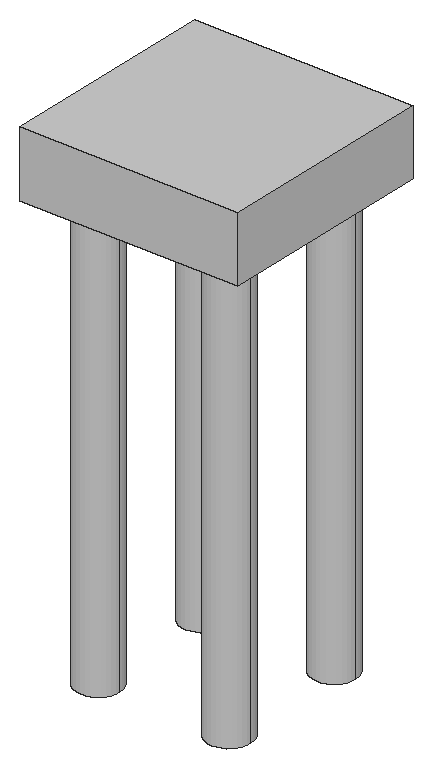
Revit family "Bloco de fundação - 4 Estacas", category Fundações estruturais, Revit 2019
Family settings
  Material para o comportamento do modelo = Outros
  Cap = Não
  Com base no plano de trabalho = Não
  Sempre na vertical = Sim
  Corte com vazios quando carregada = Não
  Compartilhado = Não
Parameters (values of type "3000x3000x900mm")
  Largura = 3000 mm
  Structural Material [instance] = Concreto - Moldado in loco
  Tipo do pilar [instance] = Estaca de concreto : Diâmetro de 600 mm
  Profundidade da estaca [instance] = 6000 mm
  Comprimento = 3000 mm
  Espessura da fundação = 900 mm
  Cortado = 100 mm
  Apuramento = 600 mm
  Código de montagem = "A1010130"
Reference planes
  plane 1 "Centro (Frente/Trás)": y = 0
  plane 2: z = 0
  plane 3 "Centro (Esquerda/Direita)": x = 0
  plane 4: x = -1500
  plane 5: x = 1500
  plane 6: y = 1500
  plane 7: y = -1500
  plane 8: z = -900
  plane 9: x = -900
  plane 10: x = 900
  plane 11: y = 900
  plane 12: y = -900
  plane 13: z = -800
  plane 14: z = -6900
Forms (mm)
  Extrusion 1, solid, material "Concreto - Moldado in loco" <- "Structural Material"
    sketch origin (0, 0, 0) x (1, 0, 0) y (0, 1, 0)
      loop
        line (-1500, 1500) -> (-1500, -1500) -> (1500, -1500) -> (1500, 1500) -> (-1500, 1500)
    from -900 to 0
Dimensions and locks
  "Largura": plane 4 to plane 5
  "Comprimento": plane 6 to plane 7
  equal spacing: plane 6, plane 1 "Centro (Frente/Trás)", plane 7
  equal spacing: plane 4, plane 3 "Centro (Esquerda/Direita)", plane 5
  "Espessura da fundação": plane 2 to plane 8
  "Apuramento": plane 4 to plane 9
  "Apuramento": plane 10 to plane 5
  "Apuramento": plane 6 to plane 11
  "Apuramento": plane 7 to plane 12
  "Cortado": plane 13 to plane 8
  "Profundidade da estaca": plane 8 to plane 14
  aligned and locked: plane 4 to Extrusion 1 sketch curve
  aligned and locked: Extrusion 1 sketch curve to plane 5
  aligned and locked: Extrusion 1 sketch curve to plane 6
  aligned and locked: plane 7 to Extrusion 1 sketch curve
  aligned and locked: level to Extrusion 1
  aligned and locked: Extrusion 1 to plane 8
  aligned and locked: nested 4 to plane 9
  aligned and locked: nested 4 to plane 11
  aligned and locked: plane 12 to nested 1
  aligned and locked: nested 1 to plane 9
  aligned and locked: plane 10 to nested 2
  aligned and locked: plane 12 to nested 2
  aligned and locked: plane 11 to nested 3
  aligned and locked: plane 10 to nested 3
  aligned and locked: nested 1 to plane 13
  aligned and locked: plane 13 to nested 4
  aligned and locked: nested 3 to plane 13
  aligned and locked: plane 13 to nested 2
Nested families
  nested 1: "Estaca de concreto" at (-900, -900, -900), type <- "Tipo do pilar", Emblocamento mínimo <- "Cortado", Linear <- "Profundidade da estaca", type "Diâmetro de 600 mm"
  nested 2: "Estaca de concreto" at (900, -900, -900), type <- "Tipo do pilar", Emblocamento mínimo <- "Cortado", Linear <- "Profundidade da estaca", type "Diâmetro de 600 mm"
  nested 3: "Estaca de concreto" at (900, 900, -900), type <- "Tipo do pilar", Emblocamento mínimo <- "Cortado", Linear <- "Profundidade da estaca", type "Diâmetro de 600 mm"
  nested 4: "Estaca de concreto" at (-900, 900, -900), type <- "Tipo do pilar", Emblocamento mínimo <- "Cortado", Linear <- "Profundidade da estaca", type "Diâmetro de 600 mm"
Definition of nested family "Estaca de concreto"
  Parameters
    Structural Material [instance] = none
    Raio = Diâmetro / 2  # 300 mm
    Emblocamento mínimo [instance] = 100 mm
    Diâmetro = 600 mm
    Linear [instance] = 6000 mm
  Reference planes
    plane 1 "Centro (Frente/Trás)": y = 0
    plane 2: z = 0
    plane 3 "Centro (Esquerda/Direita)": x = 0
    plane 4: z = 100
    plane 5: z = -6000
  Forms (mm)
    Extrusion 1, solid, material <- "Structural Material"
      sketch origin (0, 0, 0) x (1, 0, 0) y (0, 1, 0)
        loop
          circle (0, 0) r 300
      from -6000 to 100
  Dimensions and locks
    "Emblocamento mínimo": plane 4 to plane 2
    "Linear": plane 2 to plane 5
    "Raio": radius of Extrusion 1 sketch curve
    aligned and locked: plane 2 to level
    aligned and locked: plane 1 "Centro (Frente/Trás)" to Extrusion 1 sketch curve
    aligned and locked: plane 3 "Centro (Esquerda/Direita)" to Extrusion 1 sketch curve
    aligned and locked: Extrusion 1 to plane 5
    aligned and locked: plane 4 to Extrusion 1
